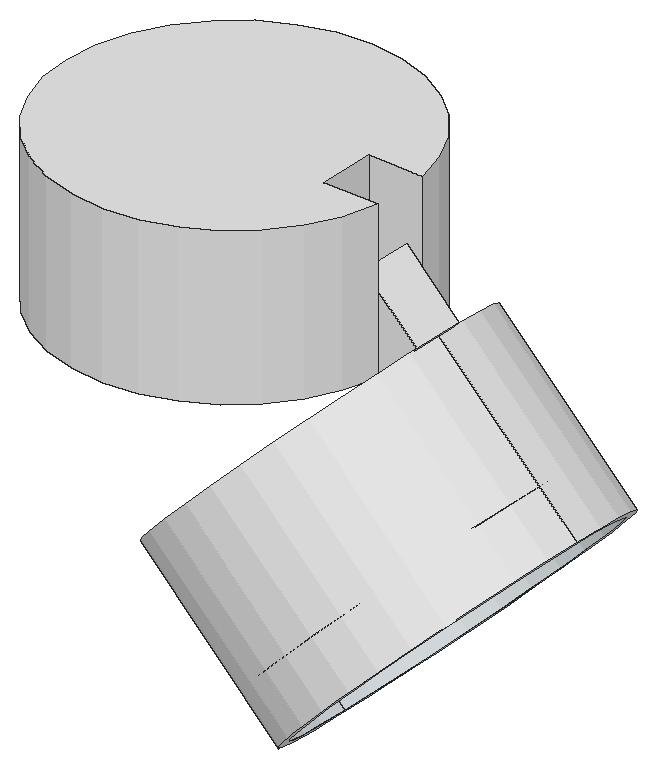
Revit family "RONDO-FLAP-R95", category Осветительные приборы, Revit 2017
Family settings
  Размер круглого соединителя = Использовать диаметр
  Тип детали = Нормальный
  На основе рабочей плоскости = Нет
  Всегда вертикально = Да
  При загрузке вырезать с полостями = Нет
  Источник света = Нет
  Общий = Нет
  Точка расчета площади = Нет
Parameters (values of type "026481 Светильник SP-RONDO-FLAP-R95-16W Day4000 (WH, 110 deg)")
  Цветовая температура (К) = "4000"
  Фотометрия = RONDO-FLAP-R95 IES Data : 026481_SP-RONDO-FLAP-R95-16W Day4000 (WH, 110 deg)
  Угол поворота [instance] = 45.00°
  Угол [instance] = if(or(Угол поворота > 90.00°, Угол поворота < 0.00°), 0.00°, Угол поворота)  # 45.00°
  Разработчик (телефон) = "+7 (495) 781-05-35"  # constant formula
  Разработчик (e-mail) = "info@constructor.ru"  # constant formula
  Разработчик (URL) = "https://constructor.ru/"  # constant formula
  Разработчик = "НТЦ Конструктор"  # constant formula
  Полная установленная мощность = ADSK_Номинальная мощность / ADSK_Коэффициент мощности  # 17.0213 VA
  Описание = "Накладной откидной светильник 16 Вт, белый круглый корпус. Цвет ДНЕВНОЙ 4000K, св.поток 1120лм, CRI(Ra)>90, угол 110°. Размер светильника Ф95x55 мм, размер чаши Ф95x45 мм. Питание AC220-240V, 16 Вт, драйвер встроенный (400mA, 30-42V). Поворачивается вокруг своей оси на 350° и отклоняется на 90°"
  Контакты ООО "Арлайт РУС" для получения счёта = "roman@transistor.ru, T +7 495 926 56 50 (доб.1115), моб. +7 (925) 871-32-07"  # constant formula
  Комментарии к типоразмеру = "Арт. 026481"
  Исходная интенсивность (лм) = "1120"
  Изготовитель (телефон) = "8 800 505 26 29"  # constant formula
  Изготовитель (сайт) = "www.arlight.ru"  # constant formula
  Изготовитель = "ARLIGHT"  # constant formula
  Группа модели = "Светильники"  # constant formula
  URL = "https://arlight.ru/catalog/product/svetilnik-sp-rondo-flap-r95-16w-day4000-wh-110-deg-026481/"
  ARL_Цвет свечения = "Дневной 4000K"
  ARL_Цвет покрытия = "Белый"
  ARL_Угол обзора = "110°"
  ARL_Тип товара = "Светильник"
  ARL_Способ монтажа = "Накладной"
  ARL_Серия = "RONDO FLAP"
  ARL_Рабочая температура окружающей среды = "-10...+50 °C"
  ARL_Обозначение корпуса = "Корпус круглый, металл, цвет белый"
  ARL_Область использования = "Для основного освещения и декоративного светового оформления в жилых, офисных, торговых помещениях"
  ARL_Материал корпуса = Металл, белый
  ARL_Класс пылевлагозащиты = "IP40"
  ARL_Класс защиты от поражения электрическим током = "I"
  ARL_Индекс цветопередачи = ">90"
  ARL_Драйвер = "Встроенный (400mA, 30-42V)"
  ADSK_Ток = ADSK_Номинальная мощность / (ADSK_Коэффициент мощности * ADSK_Напряжение * sqrt(ADSK_Количество фаз числовое))  # 0.0740056 A
  ADSK_Размер_Диаметр = 95 mm
  ADSK_Размер_Высота = 105 mm
  ADSK_Примечание = ""
  ADSK_Полная мощность = ADSK_Номинальная мощность / ADSK_Коэффициент мощности  # 17.0213 VA
  ADSK_Позиция = ""
  ADSK_Номинальная мощность = 16 W
  ADSK_Напряжение = 230 V
  ADSK_Наименование = "Светильник"
  ADSK_Масса_Текст = "0.793"
  ADSK_Марка = "SP-RONDO-FLAP-R95-16W Day4000"
  ADSK_Коэффициент мощности = 0.94
  ADSK_Количество фаз числовое = 1
  ADSK_Количество фаз = 1
  ADSK_Код изделия = Комментарии к типоразмеру  # "Арт. 026481"
  ADSK_Классификация нагрузок = Освещение
  ADSK_Завод-изготовитель = Изготовитель  # "ARLIGHT"
  ADSK_Единица измерения = "шт."
Types (4, lengths in mm): name | Цветовая температура (К) | Фотометрия | Описание | Комментарии к типоразмеру | Исходная интенсивность (лм) | URL | ARL_Цвет свечения | ARL_Цвет покрытия | ARL_Обозначение корпуса | ARL_Материал корпуса | ADSK_Марка | ADSK_Код изделия
  026481 Светильник SP-RONDO-FLAP-R95-16W Day4000 (WH, 110 deg) | "4000" | RONDO-FLAP-R95 IES Data : 026481_SP-RONDO-FLAP-R95-16W Day4000 (WH, 110 deg) | "Накладной откидной светильник 16 Вт, белый круглый корпус. Цвет ДНЕВНОЙ 4000K, св.поток 1120лм, CRI(Ra)>90, угол 110°. Размер светильника Ф95x55 мм, размер чаши Ф95x45 мм. Питание AC220-240V, 16 Вт, драйвер встроенный (400mA, 30-42V). Поворачивается вокруг своей оси на 350° и отклоняется на 90°" | "Арт. 026481" | "1120" | "https://arlight.ru/catalog/product/svetilnik-sp-rondo-flap-r95-16w-day4000-wh-110-deg-026481/" | "Дневной 4000K" | "Белый" | "Корпус круглый, металл, цвет белый" | Металл, белый | "SP-RONDO-FLAP-R95-16W Day4000" | "Арт. 026481"
  028156 Светильник SP-RONDO-FLAP-R95-16W Warm3000 (WH, 110 deg) | "3000" | RONDO-FLAP-R95 IES Data : 028156_SP-RONDO-FLAP-R95-16W Warm3000 (WH, 110 deg) | "Накладной откидной светильник 16 Вт, белый круглый корпус. Цвет ТЕПЛЫЙ 3000K, св.поток 1080лм, CRI(Ra)>90, угол 110°. Размер светильника Ф95x55 мм, размер чаши Ф95x45 мм. Питание AC220-240V, 16 Вт, драйвер встроенный (400mA, 30-42V). Поворачивается вокруг своей оси на 350° и отклоняется на 90°" | "Арт. 028156" | "1080" | "https://arlight.ru/catalog/product/svetilnik-sp-rondo-flap-r95-16w-warm3000-wh-110-deg-028156/" | "Теплый 3000K" | "Белый" | "Корпус круглый, металл, цвет белый" | Металл, белый | "SP-RONDO-FLAP-R95-16W Warm3000" | "Арт. 028156"
  028157 Светильник SP-RONDO-FLAP-R95-16W Day4000 (BK, 110 deg) | "4000" | RONDO-FLAP-R95 IES Data : 028157_SP-RONDO-FLAP-R95-16W Day4000 (BK, 110 deg) | "Накладной откидной светильник 16 Вт, черный круглый корпус. Цвет ДНЕВНОЙ 4000K, св.поток 1120лм, CRI(Ra)>90, угол 110°. Размер светильника Ф95x55 мм, размер чаши Ф95x45 мм. Питание AC220-240V, 16 Вт, драйвер встроенный (400mA, 30-42V). Поворачивается вокруг своей оси на 350° и отклоняется на 90°" | "Арт. 028157" | "1120" | "https://arlight.ru/catalog/product/svetilnik-sp-rondo-flap-r95-16w-day4000-bk-110-deg-028157/" | "Дневной 4000K" | "Черный" | "Корпус круглый, металл, цвет черный" | Металл, чёрный | "SP-RONDO-FLAP-R95-16W Day4000" | "Арт. 028157"
  028158 Светильник SP-RONDO-FLAP-R95-16W Warm3000 (BK, 110 deg) | "3000" | RONDO-FLAP-R95 IES Data : 028158_SP-RONDO-FLAP-R95-16W Warm3000 (BK, 110 deg) | "Накладной откидной светильник 16 Вт, черный круглый корпус. Цвет ТЕПЛЫЙ 3000K, св.поток 1080лм, CRI(Ra)>90, угол 110°. Размер светильника Ф95x55 мм, размер чаши Ф95x45 мм. Питание AC220-240V, 16 Вт, драйвер встроенный (400mA, 30-42V). Поворачивается вокруг своей оси на 350° и отклоняется на 90°" | "Арт. 028158" | "1080" | "https://arlight.ru/catalog/product/svetilnik-sp-rondo-flap-r95-16w-warm3000-bk-110-deg-028158/" | "Теплый 3000K" | "Черный" | "Корпус круглый, металл, цвет черный" | Металл, чёрный | "SP-RONDO-FLAP-R95-16W Warm3000" | "Арт. 028158"
Reference planes
  plane 1 "По центру (Вперед/Назад)": y = 0
  plane 2: z = 0
  plane 3 "По центру (Влево/Вправо)": x = 0
  plane 4: x = -47.5
  plane 5: x = 47.5
  plane 6: y = 47.5
  plane 7: y = -47.5
  plane 8: z = -105
  plane 9: through (46.849, -1524, -43.977) normal (-0.7071, 0, -0.7071)
  plane 10: through (10.643, -1524, -50.484) normal (-0.7071, 0, 0.7071)
  plane 11: x = 32
  plane 12: through (10.643, -1524, -50.484) normal (-0.7071, 0, 0.7071)
  plane 13: z = -29.127
Forms (mm)
  Extrusion 1, solid, material "Металл, белый" <- "ARL_Материал корпуса", detail levels medium+fine
    sketch origin (0, 0, 0) x (1, 0, 0) y (0, 1, 0)
      loop
        circle (0, 0) r 47.5
    from 0 to -44
  Extrusion 2, solid, material "Металл, белый" <- "ARL_Материал корпуса", detail levels medium+fine
    sketch origin (10.643, -1524, -50.484) x (-0.707107, 0, -0.707107) y (0, -1, 0)
      loop
        circle (1.797, -1524) r 47.5
    from -75.873 to -20.873
  Extrusion 3, void
    sketch origin (0, 0, 0) x (1, 0, 0) y (0, 1, 0)
      loop
        line (47.5, -8) -> (47.5, 8) -> (31.5, 8) -> (31.5, -8) -> (47.5, -8)
    from -45 to 0
  Extrusion 4, solid, material "Стекло", detail levels fine
    sketch origin (10.643, -1524, -50.484) x (-0.707107, 0, -0.707107) y (0, -1, 0)
      loop
        circle (1.797, -1524) r 45
    from -75.873 to -60.873
  Extrusion 5, solid, material "Металл, белый" <- "ARL_Материал корпуса", detail levels medium+fine
    sketch origin (0, 0, 0) x (1, 0, 0) y (0, 0, 1)
      loop
        line (42.632, -18.333) -> (31.939, -29.026) -> (46.757, -43.869) -> (57.471, -33.173) -> (42.632, -18.333)
    from -7.5 to 7.5
  Extrusion 6, solid, material "Металл, белый" <- "ARL_Материал корпуса", not visible, detail levels medium+fine
    sketch origin (0, 0, 0) x (1, 0, 0) y (0, 0, 1)
      loop
        line (42.632, -18.333) -> (31.939, -29.026) -> (46.757, -43.869) -> (57.471, -33.173) -> (42.632, -18.333)
    from -7.5 to 7.5
  Extrusion 7, void
    sketch origin (10.643, -1524, -50.484) x (-0.707107, 0, -0.707107) y (0, -1, 0)
      loop
        circle (1.797, -1524) r 45
    from -75.873 to -60.873
  Extrusion 8, solid, material "Металл, белый" <- "ARL_Материал корпуса", detail levels coarse
    sketch origin (10.643, -1524, -50.484) x (-0.707107, 0, -0.707107) y (0, -1, 0)
      loop
        circle (1.797, -1524) r 47.5
    from -75.873 to -20.873
  Extrusion 9, solid, material "Металл, белый" <- "ARL_Материал корпуса", detail levels coarse
    sketch origin (0, 0, 0) x (1, 0, 0) y (0, 1, 0)
      loop
        circle (0, 0) r 47.5
    from 0 to -44
Cuts and joins
  Extrusion 3 cuts Extrusion 1
  Extrusion 7 cuts Extrusion 2
Dimensions and locks
  equal spacing: plane 6, plane 1 "По центру (Вперед/Назад)", plane 7
  "ADSK_Размер_Диаметр": plane 6 to plane 7
  equal spacing: plane 4, plane 3 "По центру (Влево/Вправо)", plane 5
  "ADSK_Размер_Диаметр": plane 4 to plane 5
  "ADSK_Размер_Высота": plane 2 to plane 8
  cut or joined group of Extrusion 1, Extrusion 3 to cut or joined group of Extrusion 1, Extrusion 3 = 44 mm
  "ADSK_Размер_Диаметр": diameter of Extrusion 1 sketch curve
  "ADSK_Размер_Диаметр": diameter of Extrusion 9 sketch curve
  "Угол": angle plane 13 to plane 10
  aligned and locked: level to plane 2
Automatic sketch dimensions
  Extrusion 5 sketch curve to plane 10 = 20.859 mm
  Extrusion 5 sketch curve to Extrusion 5 sketch curve = 10.714 mm
  Extrusion 5 sketch curve to Extrusion 5 sketch curve = 10.696 mm
  Extrusion 5 sketch curve to Extrusion 5 sketch curve = 10.693 mm  (x2)
  Extrusion 6 sketch curve to plane 12 = 20.859 mm
  Extrusion 6 sketch curve to Extrusion 6 sketch curve = 10.714 mm
  Extrusion 6 sketch curve to Extrusion 6 sketch curve = 10.696 mm
  Extrusion 6 sketch curve to Extrusion 6 sketch curve = 10.693 mm  (x2)
  plane 1 "По центру (Вперед/Назад)" to Extrusion 2 sketch curve = 0 mm
  Extrusion 3 sketch curve to plane 5 = 0 mm
  plane 11 to Extrusion 3 sketch curve = 0.5 mm
  plane 1 "По центру (Вперед/Назад)" to Extrusion 3 sketch curve = 8 mm
  Extrusion 3 sketch curve to plane 1 "По центру (Вперед/Назад)" = 8 mm
  plane 1 "По центру (Вперед/Назад)" to Extrusion 4 sketch curve = 0 mm
  plane 1 "По центру (Вперед/Назад)" to Extrusion 7 sketch curve = 0 mm
  plane 1 "По центру (Вперед/Назад)" to Extrusion 8 sketch curve = 0 mm
  plane 1 "По центру (Вперед/Назад)" to Extrusion 1 sketch curve = 0 mm
  Extrusion 1 sketch curve to plane 3 "По центру (Влево/Вправо)" = 0 mm
  plane 1 "По центру (Вперед/Назад)" to Extrusion 9 sketch curve = 0 mm
  Extrusion 9 sketch curve to plane 3 "По центру (Влево/Вправо)" = 0 mm
  radius of Extrusion 2 sketch curve = 47.5 mm
  radius of Extrusion 4 sketch curve = 45 mm
  radius of Extrusion 7 sketch curve = 45 mm
  radius of Extrusion 8 sketch curve = 47.5 mm
Nested families
  nested 1: "УГО" at (0, 0, 0), type "УГО"
  nested 2: "RONDO-FLAP-R95 IES Data" at (62.897, 0.125, -105.531) x (-0.7071, 0, -0.7071) z (-0.7071, 0, 0.7071), type "028156_SP-RONDO-FLAP-R95-16W Warm3000 (WH, 110 deg)"
Connectors
  electrical at (21.829, 0, 0), driven by "ADSK_Количество фаз", driven by "ADSK_Напряжение", driven by "ADSK_Полная мощность", driven by "ADSK_Коэффициент мощности", driven by "ADSK_Классификация нагрузок"
    settings: on cut or joined group of Extrusion 1, Extrusion 3, index 1, voltage 230 V, apparent load 17.0213 VA, apparent load phase1 0 VA, apparent load phase2 0 VA, apparent load phase3 0 VA, power factor 0.94, load classification "Освещение", number of poles 1, system type 30, power factor state 1, is connector primary yes, connector utility no, sub classification motor no, connector description ""
Definition of nested family "УГО"
  Reference planes
    plane 1: y = 0
    plane 2: x = 0
  Lines and regions (mm)
    detail lines
      curve 1: circle (0, 0, 0) r 2.462 normal (0, 0, 1)
      curve 2: line (1, 2.25, 0) -> (1, -2.25, 0)
      curve 3: line (-1, 2.25, 0) -> (-1, -2.25, 0)
Definition of nested family "RONDO-FLAP-R95 IES Data"
  Parameters (values of type "028158_SP-RONDO-FLAP-R95-16W Warm3000 (BK, 110 deg)")
    Wattage = 7.27077 W
    built-in parameter 1150110 = 1 (stored number, unit not read)
    built-in parameter 1114217 = 1 (stored number, unit not read)
    Tilt Angle = 90.00°
    built-in parameter 1150109 = 1 (stored number, unit not read)
    built-in parameter 1150134 = (empty or 0)
    built-in parameter 1150113 = 1 (stored number, unit not read)
    Photometric Web File = "028158_SP-RONDO-FLAP-R95-16W Warm3000 (BK, 110 deg).ies"
    Model = ""
    Manufacturer = "ARLIGHT"
    built-in parameter 1150105 = 372.03 (stored number, unit not read)
    Lumens = 1080 lm
    built-in parameter 1150115 = 1 (stored number, unit not read)
    built-in parameter 1150137 = (empty or 0)
    built-in parameter 1150139 = (empty or 0)
    built-in parameter 1150112 = 1 (stored number, unit not read)
    built-in parameter 1150114 = 1 (stored number, unit not read)
    Lamp = ""
    built-in parameter 1150132 = 2
    built-in parameter 1150102 = (empty or 0)
    built-in parameter 1150107 = 3000 (stored number, unit not read)
    built-in parameter 1150138 = (empty or 0)
    built-in parameter 1150106 = 3.7203 (stored number, unit not read)
    Emit from Circle Diameter = 90 mm
    Emit Shape Visible in Rendering = no
    built-in parameter 1150104 = 13.8 (stored number, unit not read)
    Dimming Lamp Color Temperature Shift = (empty or 0)
    Description = ""
    Default Elevation = 0 mm
    Content Creator = ""
    Color Filter = 16777215
    built-in parameter 1114218 = 1 (stored number, unit not read)
    built-in parameter 1150133 = 10 (stored number, unit not read)
    Apparent Load = 0 VA
  Types (4, lengths in mm): name | Wattage | built-in parameter 1150134 | Photometric Web File | built-in parameter 1150105 | Lumens | built-in parameter 1150107 | built-in parameter 1150106
    028156_SP-RONDO-FLAP-R95-16W Warm3000 (WH, 110 deg) | 7.27077 W | (empty or 0) | "028156_SP-RONDO-FLAP-R95-16W Warm3000 (WH, 110 deg).ies" | 372.03 (stored number, unit not read) | 1080 lm | 3000 (stored number, unit not read) | 3.7203 (stored number, unit not read)
    026481_SP-RONDO-FLAP-R95-16W Day4000 (WH, 110 deg) | 7.54006 W | 12 | "026481_SP-RONDO-FLAP-R95-16W Day4000 (WH, 110 deg).ies" | 4038.6 (stored number, unit not read) | 1120 lm | 4000 (stored number, unit not read) | 40.386 (stored number, unit not read)
    028157_SP-RONDO-FLAP-R95-16W Day4000 (BK, 110 deg) | 7.54006 W | 12 | "028157_SP-RONDO-FLAP-R95-16W Day4000 (BK, 110 deg).ies" | 385.81 (stored number, unit not read) | 1120 lm | 4000 (stored number, unit not read) | 3.8581 (stored number, unit not read)
    028158_SP-RONDO-FLAP-R95-16W Warm3000 (BK, 110 deg) | 7.27077 W | (empty or 0) | "028158_SP-RONDO-FLAP-R95-16W Warm3000 (BK, 110 deg).ies" | 372.03 (stored number, unit not read) | 1080 lm | 3000 (stored number, unit not read) | 3.7203 (stored number, unit not read)
  Reference planes
    plane 1 "Center (Front/Back)": y = 0
    plane 2: z = 0
    plane 3 "Center (Left/Right)": x = 0
  Forms (mm)
    Extrusion 1, solid
      sketch origin (0, 0, 0) x (1, 0, 0) y (0, 1, 0)
        loop
          line (-1219.2, 1219.2) -> (-1219.2, -1219.2) -> (1219.2, -1219.2) -> (1219.2, 1219.2) -> (-1219.2, 1219.2)
      from 0 to 123.942
  Dimensions and locks
    aligned and locked: plane 2 to Extrusion 1
    aligned and locked: level to Extrusion 1
